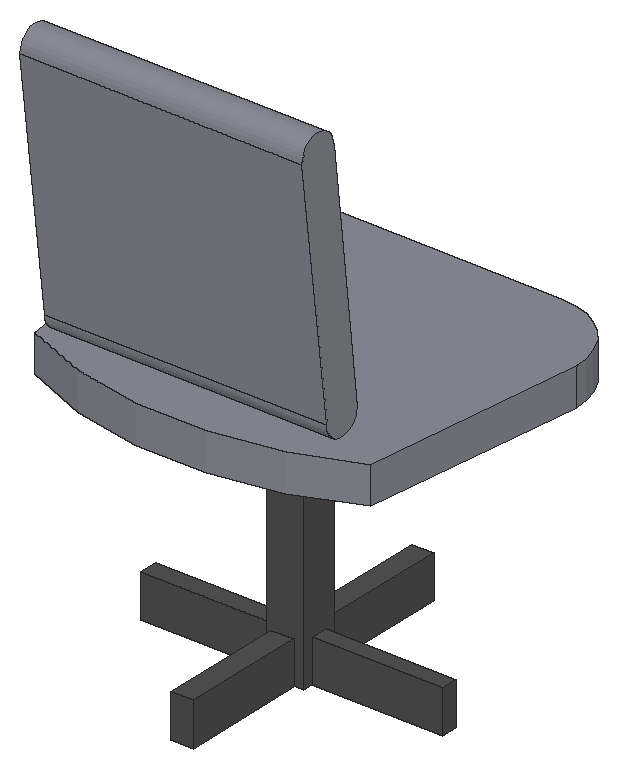
Revit family
Parameters (values of type "Desk Chair")
  Seat/Back Material = Textile - Slate Blue
  Base Material = Metal - Chrome
Reference planes
  plane 1: y = 0
  plane 2: z = 0
  plane 3: x = 0
  plane 4: z = 355.6
  plane 5 "Seat": z = 406.4
  plane 6: z = 762
  plane 7: y = 406.4
Forms (mm)
  Extrusion 1, solid, material "Textile - Slate Blue" <- "Seat/Back Material"
    sketch origin (0, 0, 0) x (1, 0, 0) y (0, 1, 0)
      loop
        arc (-228.6, 0) -> (0, -55.074) -> (228.6, 0) r 501.968
        line (228.6, 0) -> (266.207, 302.446)
        arc (266.207, 302.446) -> (235.759, 375.953) -> (162.253, 406.4) r 103.954
        line (162.253, 406.4) -> (-152.4, 406.4)
        arc (-152.4, 406.4) -> (-230.848, 377.942) -> (-266.406, 302.446) r 109.4
        line (-266.406, 302.446) -> (-228.6, 0)
    from 355.6 to 406.4
  Extrusion 2, solid, material "Textile - Slate Blue" <- "Seat/Back Material"
    sketch origin (0, 0, 0) x (0, 1, 0) y (0, 0, 1)
      loop
        line (25.552, 451.388) -> (-13.632, 787.4)
        arc (-13.632, 787.4) -> (-40.421, 814.188) -> (-67.209, 787.4) r 26.788
        line (-67.209, 787.4) -> (-25.4, 451.388)
        arc (-25.4, 451.388) -> (0.076, 425.912) -> (25.552, 451.388) r 25.476
    from -194.364 to 188.912
  Extrusion 3, solid, material "Metal - Chrome" <- "Base Material"
    sketch origin (0, 0, 0) x (1, 0, 0) y (0, 1, 0)
      loop
        line (-24.476, 190.269) -> (-24.476, 139.469) -> (26.324, 139.469) -> (26.324, 190.269) -> (-24.476, 190.269)
    from 0 to 355.6
  Extrusion 4, solid, material "Metal - Chrome" <- "Base Material"
    sketch origin (0, 0, 0) x (1, 0, 0) y (0, 1, 0)
      loop
        line (-25.862, 175.029) -> (-203.662, 175.029) -> (-203.662, 150.046) -> (-25.862, 150.046) -> (-25.862, 175.029)
      loop
        line (26.785, 175.029) -> (26.785, 152.4) -> (204.124, 152.4) -> (204.124, 175.029) -> (26.785, 175.029)
      loop
        line (14.316, 188.884) -> (14.316, 374.952) -> (-16.164, 374.952) -> (-16.164, 188.884) -> (14.316, 188.884)
      loop
        line (-16.164, 136.236) -> (-16.164, -33.251) -> (14.316, -33.251) -> (14.316, 136.236) -> (-16.164, 136.236)
    from 0 to 58.504
Lines and regions (mm)
  Masking region 1
    outline origin (0, 0, 406.4) x (0, 1, 0) y (-1, 0, 0)
      loop
        arc (0, 228.6) -> (-55.074, 0.248) -> (-0.226, -228.158) r 501.968
        line (-0.226, -228.158) -> (302.446, -265.793)
        arc (302.446, -265.793) -> (375.161, -235.674) -> (405.281, -162.959) r 102.835
        line (405.281, -162.959) -> (405.281, 163.571)
        arc (405.281, 163.571) -> (375.161, 236.286) -> (302.446, 266.406) r 102.835
        line (302.446, 266.406) -> (0, 228.6)
  symbolic lines
    curve 1: arc (-205.83, 44.514, 406.4) -> (0, -5.074, 406.4) -> (205.83, 44.514, 406.4) r 451.968
    curve 2: arc (205.83, 44.514, 406.4) -> (223.133, 25.285, 406.4) -> (228.6, 0, 406.4) r 50.332
    curve 3: arc (-228.6, 0, 406.4) -> (-222.618, 25.021, 406.4) -> (-205.83, 44.514, 406.4) r 54.522
Dimensions and locks
  plane 6 to plane 5 "Seat" to plane 4 to plane 2 = 355.60 mm, 50.80 mm, 355.60 mm
  Extrusion 4 sketch curve to plane 3 to Extrusion 4 sketch curve = 14.316 mm, 16.164 mm
  equal spacing: Extrusion 4 sketch curve, plane 3, Extrusion 4 sketch curve
  aligned and locked: plane 4 to Extrusion 1
  aligned and locked: Extrusion 1 to plane 5 "Seat"
  aligned and locked: Extrusion 3 to level
  aligned and locked: Extrusion 3 to plane 4
  aligned and locked: Extrusion 4 to level
